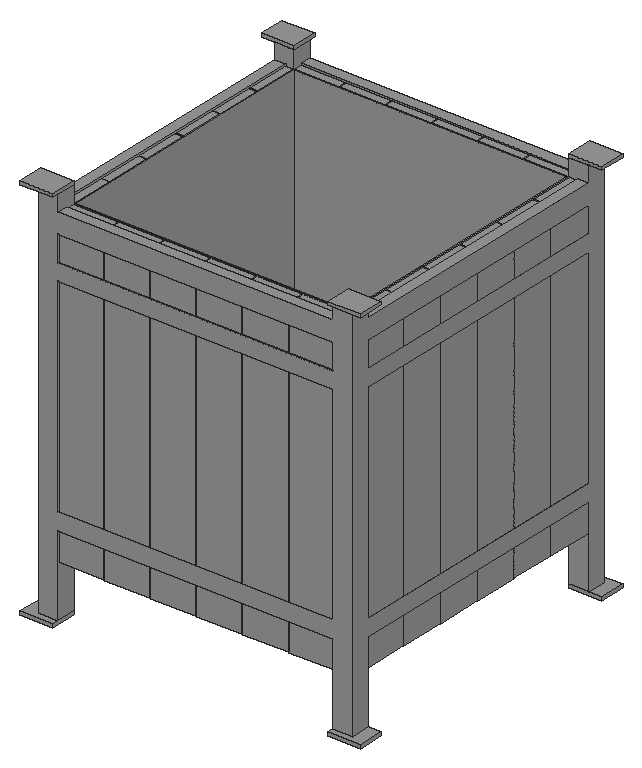
Revit family "6757 Цветочница парковая «Квадро» Хоббика", category Антураж, Revit 2018
Family settings
  На основе рабочей плоскости = Нет
  Всегда вертикально = Да
  При загрузке вырезать с полостями = Нет
  Источник визуального образа = Геометрия семейства
  Общий = Нет
  Точка расчета площади = Нет
Parameters (values of type "Цветочница парковая «Квадро»")
  Ширина = 505 mm  # constant formula
  Цвет отделки = Дерево
  Цвет каркаса = Сталь
  Описание = "Цветочница парковая «Квадро»"  # constant formula
  Материал изделия = "Сталь, дерево, съемная оцинкованная вставка"  # constant formula
  Изображение типоразмера = Цветочница парковая «Квадро» Арт 6757.jpg
  Изготовитель = "ООО «Хоббика»"  # constant formula
  Длина = 525 mm  # constant formula
  Группа модели = "Цветочницы и уличные вазоны для цветов"  # constant formula
  Высота = 600 mm  # constant formula
  Артикул товара = "Арт. 6757"  # constant formula
  URL = "https://hobbyka.ru/product/cvetochnica_parkovaia_kvadro"
Reference planes
  plane 1 "По центру (Вперед/Назад)": y = 0
  plane 2: z = 0
  plane 3 "По центру (Влево/Вправо)": x = 0
  plane 4: y = 505
  plane 5: x = 525
  plane 6: z = 600
Forms (mm)
  Extrusion 1, solid, material "Сталь" <- "Цвет каркаса"
    sketch origin (0, 0, 0) x (1, 0, 0) y (0, 1, 0)
      loop
        line (0, 505) -> (0, 465) -> (50, 465) -> (50, 505) -> (0, 505)
      loop
        line (475, 505) -> (475, 465) -> (525, 465) -> (525, 505) -> (475, 505)
      loop
        line (0, 40) -> (0, 0) -> (50, 0) -> (50, 40) -> (0, 40)
      loop
        line (475, 40) -> (475, 0) -> (525, 0) -> (525, 40) -> (475, 40)
    from 0 to 5
  Extrusion 2, solid, material "Сталь" <- "Цвет каркаса"
    sketch origin (0, 0, 0) x (1, 0, 0) y (0, 1, 0)
      loop
        line (0, 505) -> (0, 465) -> (50, 465) -> (50, 505) -> (0, 505)
      loop
        line (475, 505) -> (475, 465) -> (525, 465) -> (525, 505) -> (475, 505)
      loop
        line (0, 40) -> (0, 0) -> (50, 0) -> (50, 40) -> (0, 40)
      loop
        line (475, 40) -> (475, 0) -> (525, 0) -> (525, 40) -> (475, 40)
    from 595 to 600
  Extrusion 3, solid, material "Сталь" <- "Цвет каркаса"
    sketch origin (0, 0, 0) x (1, 0, 0) y (0, 1, 0)
      loop
        line (50, 465) -> (50, 495) -> (20, 495) -> (20, 465) -> (50, 465)
      loop
        line (505, 465) -> (505, 495) -> (475, 495) -> (475, 465) -> (505, 465)
      loop
        line (50, 10) -> (50, 40) -> (20, 40) -> (20, 10) -> (50, 10)
      loop
        line (505, 10) -> (505, 40) -> (475, 40) -> (475, 10) -> (505, 10)
    from 5 to 595
  Sweep 4, solid, material "Сталь" <- "Цвет каркаса"
    path origin (0, 0, 0) x (1, 0, 0) y (0, 1, 0)
      loop
        line (20, 495) -> (20, 10) -> (505, 10) -> (505, 495) -> (20, 495)
    profile origin (262.5, 495, 0) x (0, 1, 0) y (0, 0, 1)
      loop
        line (0, 155) -> (-5, 155) -> (-5, 130) -> (0, 130) -> (0, 155)
      loop
        line (0, 500) -> (-2, 500) -> (-2, 475) -> (0, 475) -> (0, 500)
      loop
        line (-17.025, 570) -> (-17.025, 568) -> (-2, 568) -> (-2, 540) -> (0, 540) -> (0, 570) -> (-17.025, 570)
  Extrusion 5, solid, material "Дерево" <- "Цвет отделки"
    sketch origin (0, 0, 0) x (1, 0, 0) y (0, 1, 0)
      loop
        line (50, 40) -> (50, 110) -> (22, 110) -> (22, 40) -> (50, 40)
      loop
        line (503, 40) -> (503, 110) -> (475, 110) -> (475, 40) -> (503, 40)
    from 85 to 568
  Extrusion 6, solid, material "Дерево" <- "Цвет отделки"
    sketch origin (0, 355, 0) x (1, 0, 0) y (0, 1, 0)
      loop
        line (50, 40) -> (50, 110) -> (22, 110) -> (22, 40) -> (50, 40)
      loop
        line (503, 40) -> (503, 110) -> (475, 110) -> (475, 40) -> (503, 40)
    from 85 to 568
  Extrusion 7, solid, material "Дерево" <- "Цвет отделки"
    sketch origin (0, 71, 0) x (1, 0, 0) y (0, 1, 0)
      loop
        line (50, 40) -> (50, 110) -> (22, 110) -> (22, 40) -> (50, 40)
      loop
        line (503, 40) -> (503, 110) -> (475, 110) -> (475, 40) -> (503, 40)
    from 85 to 568
  Extrusion 8, solid, material "Дерево" <- "Цвет отделки"
    sketch origin (0, 142, 0) x (1, 0, 0) y (0, 1, 0)
      loop
        line (50, 40) -> (50, 110) -> (22, 110) -> (22, 40) -> (50, 40)
      loop
        line (503, 40) -> (503, 110) -> (475, 110) -> (475, 40) -> (503, 40)
    from 85 to 568
  Extrusion 9, solid, material "Дерево" <- "Цвет отделки"
    sketch origin (0, 213, 0) x (1, 0, 0) y (0, 1, 0)
      loop
        line (50, 40) -> (50, 110) -> (22, 110) -> (22, 40) -> (50, 40)
      loop
        line (503, 40) -> (503, 110) -> (475, 110) -> (475, 40) -> (503, 40)
    from 85 to 568
  Extrusion 10, solid, material "Дерево" <- "Цвет отделки"
    sketch origin (0, 284, 0) x (1, 0, 0) y (0, 1, 0)
      loop
        line (50, 40) -> (50, 110) -> (22, 110) -> (22, 40) -> (50, 40)
      loop
        line (503, 40) -> (503, 110) -> (475, 110) -> (475, 40) -> (503, 40)
    from 85 to 568
  Extrusion 11, solid, material "Дерево" <- "Цвет отделки"
    sketch origin (0, 0, 0) x (1, 0, 0) y (0, 1, 0)
      loop
        line (50, 465) -> (120, 465) -> (120, 493) -> (50, 493) -> (50, 465)
      loop
        line (120, 40) -> (50, 40) -> (50, 12) -> (120, 12) -> (120, 40)
    from 85 to 568
  Extrusion 12, solid, material "Дерево" <- "Цвет отделки"
    sketch origin (355, 0, 0) x (1, 0, 0) y (0, 1, 0)
      loop
        line (50, 465) -> (120, 465) -> (120, 493) -> (50, 493) -> (50, 465)
      loop
        line (120, 40) -> (50, 40) -> (50, 12) -> (120, 12) -> (120, 40)
    from 85 to 568
  Extrusion 13, solid, material "Дерево" <- "Цвет отделки"
    sketch origin (71, 0, 0) x (1, 0, 0) y (0, 1, 0)
      loop
        line (50, 465) -> (120, 465) -> (120, 493) -> (50, 493) -> (50, 465)
      loop
        line (120, 40) -> (50, 40) -> (50, 12) -> (120, 12) -> (120, 40)
    from 85 to 568
  Extrusion 14, solid, material "Дерево" <- "Цвет отделки"
    sketch origin (142, 0, 0) x (1, 0, 0) y (0, 1, 0)
      loop
        line (50, 465) -> (120, 465) -> (120, 493) -> (50, 493) -> (50, 465)
      loop
        line (120, 40) -> (50, 40) -> (50, 12) -> (120, 12) -> (120, 40)
    from 85 to 568
  Extrusion 15, solid, material "Дерево" <- "Цвет отделки"
    sketch origin (213, 0, 0) x (1, 0, 0) y (0, 1, 0)
      loop
        line (50, 465) -> (120, 465) -> (120, 493) -> (50, 493) -> (50, 465)
      loop
        line (120, 40) -> (50, 40) -> (50, 12) -> (120, 12) -> (120, 40)
    from 85 to 568
  Extrusion 16, solid, material "Дерево" <- "Цвет отделки"
    sketch origin (284, 0, 0) x (1, 0, 0) y (0, 1, 0)
      loop
        line (50, 465) -> (120, 465) -> (120, 493) -> (50, 493) -> (50, 465)
      loop
        line (120, 40) -> (50, 40) -> (50, 12) -> (120, 12) -> (120, 40)
    from 85 to 568
  Extrusion 17, solid, material "Сталь"
    sketch origin (0, 0, 0) x (1, 0, 0) y (0, 1, 0)
      loop
        line (50, 465) -> (50, 40) -> (475, 40) -> (475, 465) -> (50, 465)
      loop
        line (52, 463) -> (52, 42) -> (473, 42) -> (473, 463) -> (52, 463)
    from 85 to 568
  Extrusion 18, solid, material "Сталь"
    sketch origin (0, 0, 0) x (1, 0, 0) y (0, 1, 0)
      loop
        line (52, 463) -> (52, 42) -> (473, 42) -> (473, 463) -> (52, 463)
    from 85 to 87
Cuts and joins
  joined: Extrusion 3, Sweep 4
Dimensions and locks
  "Длина": plane 3 "По центру (Влево/Вправо)" to plane 5
  "Ширина": plane 4 to plane 1 "По центру (Вперед/Назад)"
  "Высота": plane 6 to plane 2
  equal spacing: group 1, group 3, group 4, group 5, group 6, group 2  (x3)
  equal spacing: group 7, group 9, group 10, group 11, group 12, group 8  (x3)
  aligned and locked: level to plane 2
Automatic sketch dimensions
  Extrusion 1 sketch curve to plane 3 "По центру (Влево/Вправо)" = 0 mm  (x2)
  plane 1 "По центру (Вперед/Назад)" to Extrusion 1 sketch curve = 0 mm  (x2)
  Extrusion 1 sketch curve to plane 4 = 0 mm  (x2)
  Extrusion 1 sketch curve to plane 5 = 0 mm  (x2)
  Extrusion 1 sketch curve to Extrusion 1 sketch curve = 50 mm
  plane 3 "По центру (Влево/Вправо)" to Extrusion 1 sketch curve = 50 mm
  Extrusion 1 sketch curve to plane 5 = 50 mm  (x2)
  Extrusion 1 sketch curve to plane 1 "По центру (Вперед/Назад)" = 40 mm
  Extrusion 1 sketch curve to Extrusion 1 sketch curve = 40 mm
  Extrusion 1 sketch curve to plane 4 = 40 mm  (x2)
  Extrusion 2 sketch curve to plane 3 "По центру (Влево/Вправо)" = 0 mm  (x2)
  plane 1 "По центру (Вперед/Назад)" to Extrusion 2 sketch curve = 0 mm  (x2)
  Extrusion 2 sketch curve to plane 4 = 0 mm  (x2)
  Extrusion 2 sketch curve to plane 5 = 0 mm  (x2)
  Extrusion 2 sketch curve to Extrusion 2 sketch curve = 50 mm
  plane 3 "По центру (Влево/Вправо)" to Extrusion 2 sketch curve = 50 mm
  Extrusion 2 sketch curve to plane 5 = 50 mm  (x2)
  Extrusion 2 sketch curve to plane 1 "По центру (Вперед/Назад)" = 40 mm
  Extrusion 2 sketch curve to Extrusion 2 sketch curve = 40 mm
  Extrusion 2 sketch curve to plane 4 = 40 mm  (x2)
  plane 3 "По центру (Влево/Вправо)" to Extrusion 3 sketch curve = 20 mm  (x2)
  Extrusion 3 sketch curve to Extrusion 3 sketch curve = 30 mm  (x5)
  Extrusion 3 sketch curve to plane 1 "По центру (Вперед/Назад)" = 10 mm  (x2)
  Extrusion 3 sketch curve to plane 5 = 50 mm  (x2)
  Extrusion 3 sketch curve to plane 5 = 20 mm  (x2)
  Extrusion 3 sketch curve to plane 4 = 10 mm  (x2)
  Extrusion 3 sketch curve to plane 4 = 40 mm
  Sweep 4 sketch curve to plane 1 "По центру (Вперед/Назад)" = 10 mm
  Sweep 4 sketch curve to plane 5 = 20 mm
  Sweep 4 sketch curve to plane 4 = 10 mm
  plane 3 "По центру (Влево/Вправо)" to Sweep 4 sketch curve = 20 mm
  Sweep 4 sketch curve to profile plane = 0 mm  (x3)
  profile plane to Sweep 4 sketch curve = 2 mm  (x2)
  profile plane to Sweep 4 sketch curve = 5 mm
  Sweep 4 sketch curve to Sweep 4 sketch curve = 15.025 mm
  level to Sweep 4 sketch curve = 130 mm
  Sweep 4 sketch curve to Sweep 4 sketch curve = 25 mm  (x2)
  Sweep 4 sketch curve to Sweep 4 sketch curve = 320 mm
  Sweep 4 sketch curve to Sweep 4 sketch curve = 40 mm
  Sweep 4 sketch curve to Sweep 4 sketch curve = 28 mm
  Sweep 4 sketch curve to Sweep 4 sketch curve = 2 mm
  Extrusion 5 sketch curve to Extrusion 5 sketch curve = 28 mm  (x2)
  Extrusion 5 sketch curve to Extrusion 5 sketch curve = 70 mm  (x2)
  Extrusion 5 sketch curve to Extrusion 5 sketch curve = 425 mm
  Extrusion 5 sketch curve to Extrusion 5 sketch curve = 0 mm
  Extrusion 6 sketch curve to Extrusion 6 sketch curve = 28 mm  (x2)
  Extrusion 6 sketch curve to Extrusion 6 sketch curve = 70 mm  (x2)
  Extrusion 6 sketch curve to Extrusion 6 sketch curve = 425 mm
  Extrusion 6 sketch curve to Extrusion 6 sketch curve = 0 mm
  Extrusion 7 sketch curve to Extrusion 7 sketch curve = 28 mm  (x2)
  Extrusion 7 sketch curve to Extrusion 7 sketch curve = 70 mm  (x2)
  Extrusion 7 sketch curve to Extrusion 7 sketch curve = 425 mm
  Extrusion 7 sketch curve to Extrusion 7 sketch curve = 0 mm
  Extrusion 8 sketch curve to Extrusion 8 sketch curve = 28 mm  (x2)
  Extrusion 8 sketch curve to Extrusion 8 sketch curve = 70 mm  (x2)
  Extrusion 8 sketch curve to Extrusion 8 sketch curve = 425 mm
  Extrusion 8 sketch curve to Extrusion 8 sketch curve = 0 mm
  Extrusion 9 sketch curve to Extrusion 9 sketch curve = 28 mm  (x2)
  Extrusion 9 sketch curve to Extrusion 9 sketch curve = 70 mm  (x2)
  Extrusion 9 sketch curve to Extrusion 9 sketch curve = 425 mm
  Extrusion 9 sketch curve to Extrusion 9 sketch curve = 0 mm
  Extrusion 10 sketch curve to Extrusion 10 sketch curve = 28 mm  (x2)
  Extrusion 10 sketch curve to Extrusion 10 sketch curve = 70 mm  (x2)
  Extrusion 10 sketch curve to Extrusion 10 sketch curve = 425 mm
  Extrusion 10 sketch curve to Extrusion 10 sketch curve = 0 mm
  Extrusion 11 sketch curve to Extrusion 11 sketch curve = 70 mm  (x2)
  Extrusion 11 sketch curve to Extrusion 11 sketch curve = 28 mm  (x2)
  Extrusion 11 sketch curve to Extrusion 11 sketch curve = 0 mm
  Extrusion 11 sketch curve to Extrusion 11 sketch curve = 425 mm
  Extrusion 12 sketch curve to Extrusion 12 sketch curve = 70 mm  (x2)
  Extrusion 12 sketch curve to Extrusion 12 sketch curve = 28 mm  (x2)
  Extrusion 12 sketch curve to Extrusion 12 sketch curve = 0 mm
  Extrusion 12 sketch curve to Extrusion 12 sketch curve = 425 mm
  Extrusion 13 sketch curve to Extrusion 13 sketch curve = 70 mm  (x2)
  Extrusion 13 sketch curve to Extrusion 13 sketch curve = 28 mm  (x2)
  Extrusion 13 sketch curve to Extrusion 13 sketch curve = 0 mm
  Extrusion 13 sketch curve to Extrusion 13 sketch curve = 425 mm
  Extrusion 14 sketch curve to Extrusion 14 sketch curve = 70 mm  (x2)
  Extrusion 14 sketch curve to Extrusion 14 sketch curve = 28 mm  (x2)
  Extrusion 14 sketch curve to Extrusion 14 sketch curve = 0 mm
  Extrusion 14 sketch curve to Extrusion 14 sketch curve = 425 mm
  Extrusion 15 sketch curve to Extrusion 15 sketch curve = 70 mm  (x2)
  Extrusion 15 sketch curve to Extrusion 15 sketch curve = 28 mm  (x2)
  Extrusion 15 sketch curve to Extrusion 15 sketch curve = 0 mm
  Extrusion 15 sketch curve to Extrusion 15 sketch curve = 425 mm
  Extrusion 16 sketch curve to Extrusion 16 sketch curve = 70 mm  (x2)
  Extrusion 16 sketch curve to Extrusion 16 sketch curve = 28 mm  (x2)
  Extrusion 16 sketch curve to Extrusion 16 sketch curve = 0 mm
  Extrusion 16 sketch curve to Extrusion 16 sketch curve = 425 mm
  plane 3 "По центру (Влево/Вправо)" to Extrusion 17 sketch curve = 50 mm
  Extrusion 17 sketch curve to plane 5 = 50 mm
  Extrusion 17 sketch curve to plane 1 "По центру (Вперед/Назад)" = 40 mm
  Extrusion 17 sketch curve to plane 4 = 40 mm
  Extrusion 17 sketch curve to Extrusion 17 sketch curve = 2 mm  (x4)
  plane 3 "По центру (Влево/Вправо)" to Extrusion 18 sketch curve = 52 mm
  Extrusion 18 sketch curve to plane 5 = 52 mm
  Extrusion 18 sketch curve to plane 1 "По центру (Вперед/Назад)" = 42 mm
  Extrusion 18 sketch curve to plane 4 = 42 mm
